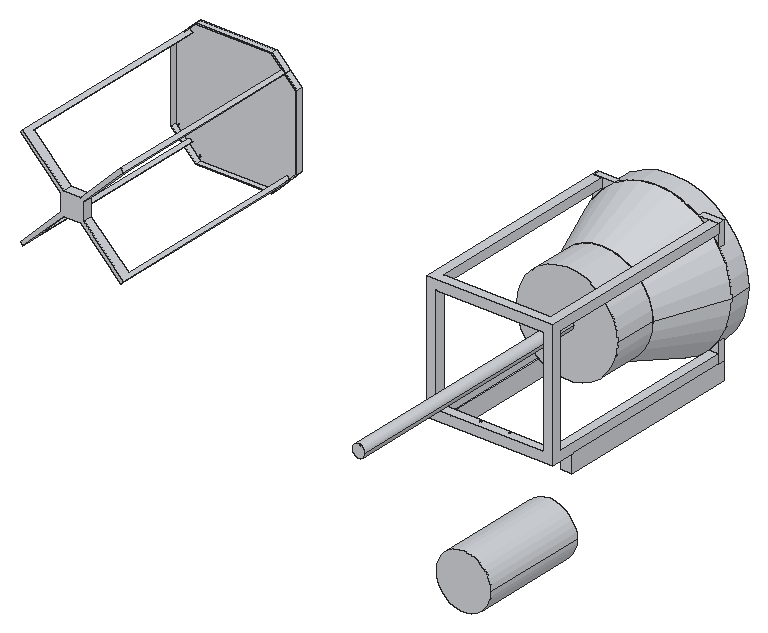
Revit family "PlenumFan_v05", category Mechanical Equipment, Revit 2014
Parameters (values of type "Default Model - Use Type Catalog (.txt) (see instructions)")
  X Inlet Panel Display = yes
  X Frame Display = yes
  Wheel Width = 20.800"
  Wheel Rotation = ""
  Wheel Diameter = 0.000"
  Web Product Catalog 02 = ""
  Web Product Catalog 01 = ""
  Web IOM 02 = ""
  Web IOM 01 = ""
  Voltage = 0 V
  Version Family = "CAPS 4.18"
  Version Data = "CAPS 4.18"
  Ventilator Type = ""
  Unit Weight = 0.00 kip
  Test X Width = 200.000"
  Specific Product Description = ""
  Shaft Drive = 0
  Shaft Display = yes
  Revit Loading Instructions [instance] = "https://www.youtube.com/watch?v=t45CBEivkJA"
  Revit Family Version Log [instance] = "http://www.greenheck.com/media/cad/Version%20log/PlenumFan%20Version%20Log.txt"
  Protective Cage Display = yes
  Phase NumberOfPoles = 0
  Phase Number = 0
  Phase Integer = 0
  Pedestal Base Display = 0
  Outlet dBA = 0
  Outlet Sones = 0
  Mounting Width Right Offset = 40.625"
  Mounting Width Left Offset = 40.625"
  Mounting Hole Y = 2.000"
  Mounting Hole X = 12.000"
  Motor Starter = yes
  Manufacturer Trademark = "Greenheck Fan"
  Isolation Base Offset = 54.500"
  Mounting Width Triangle Offset = 27.924"
  Mounting Width Pedestal Offset = 18.000"
  Mounting Width Pedestal Center Offset = 23.000"
  Mounting Width = 110.549"
  Mounting Length Pedestal Center = 45.250"
  Motor Speed = 0
  Motor Power = 0 VA
  Motor Pedestal Display = 0
  Motor Enclosure = ""
  Model = ""
  Manufacturer Model Name = ""
  Manufacturer = "Greenheck Fan Corp."
  Isolator Operating Height = 0.000"
  Isolator Base Width = 0.000"
  Isolator Base Length = 0.000"
  Inlet dBA = 0
  Inlet Sones = 0
  Inlet Panel Display = yes
  Inlet Connection = yes
  Inlet Radius WOFlange Offset = Inlet Radius WOFlange - 0.250"  # 35.750"
  Inlet Radius Inside Offset = Inlet Radius Inside - 0.250"  # 23.750"
  Inlet Radius Inside = 24.000"
  Void Offset = 0.250"
  Unit Elevation = if(Isolation Base, Isolation Base Height + Isolation Base Elevation, 0.000")  # 0.000"
  Mounting Length Remaining = 8.000"
  Mounting Length = 60.000"
  Isolation Type = 0
  Isolation Base Width Offset = 75.000"
  Isolation Base = Isolation Type > 1  # no
  Shaft Radius = 3.000"
  Shaft Length = 78.000"
  Shaft Extension = 13.000"
  Pedestal Top Width = 24.000"
  Pedestal Length = 42.000"
  Pedestal Leg Height = 10.000"
  Pedestal Height = 30.000"
  Pedestal Base = Pedestal Base Display = 1  # no
  Mounting Width Offset = 1.375"
  Mounting Length Offset = 1.500"
  Motor Length = 51.13947"
  Motor Radius = 13.000"
  Motor Position = 0
  Motor Pedestal Width = 25.000"
  Motor Pedestal Length = 35.7555"
  Motor Pedestal Height = 30.000"
  Motor Location Offset Left = 152.4594"
  Motor Elevation = 19.36861"
  Inlet Flange Length = 9.96875"
  Has Special Design = yes
  Frequency = 0 Hz
  Fan Wheel Speed Max = 0
  Fan Wheel Speed = 0
  Fan Corner Width = 68.000"
  Drive Type = ""
  Direct Motor Display = Shaft Drive = 0  # yes
  MPT = Motor Pedestal Display = 3  # no
  MPRH = Motor Pedestal Display = 2  # no
  MPLH = Motor Pedestal Display = 1  # no
  Inlet Panel Depth = 3.000"
  Inlet Flange Radius = 2.375"
  Inlet Cone Width = 32.200"
  Fan Channel Width = 4.375"
  Isolator Spacing Width Offset = 72.000"
  Mounting Hole Radius = 0.3457"
  Isolator Display = no
  Isolator Spacing Width = 192.000"
  Isolation Base Width = 198.000"
  Isolation Base Length = 192.000"
  Isolation Base Height = 5.000"
  Isolation Base Elevation = 1.000"
  Inlet Radius WOFlange = 36.000"
  Fan Height = 60.000"
  Designation = ""
  Design Total Power = 0 VA
  Cut Offset = 2.000"
  Cut Length = 1.000"
  Isolator Spacing Length Offset = 8.000"
  Isolator Spacing Length = 186.000"
  Protective Cage = 102.000"
  Inlet Elevation = 30.000"
  Fan Width = 60.000"
  Copyright © = "© Greenheck Fan Corporation 2015"
  Configured Mark Name = ""
  Config Total Static Pressure = 0.00 in-wg
  Config Total Air Flow = 0 CFM
  Config External Static Pressure = 0.00 in-wg
  Channel Width Remaining = 12.14074"
  Channel Width = 5.500"
  Channel Display RH = yes
  Channel Length = 90.47447"
  Channel Display LH = yes
  Channel Height = 8.45708"
  Belt Drive Display = Shaft Drive = 1  # no
  Arrangement = 4
  Apparent Load = 0 VA
  Actual Total Power [instance] = 0 VA
Reference planes (in)
  plane 1 "Center (Front/Back)": y = -5.80255
  plane 2: z = 0
  plane 3 "Center (Left/Right)": x = -62.53999
  plane 4 "inlet panel outside": y = 22.39745
  plane 5 "inlet panel inside": y = 19.39745
  plane 6 "Rear Mounting CL": y = 14.39745
  plane 7: y = -33.60255
  plane 8 "End of Shaft": y = -157.60255
  plane 9 "fan frame front": y = -79.60255
  plane 10 "pedestal front": y = -121.60255
  plane 11 "frame mounting CL left": x = -103.16499
  plane 12 "frame mounting CL right": x = -21.91499
  plane 13: y = 29.3662
  plane 14 "frame Left": x = -92.53999
  plane 15 "frame Right": x = -32.53999
  plane 16 "Shaft Elevation": z = 30
  plane 17 "Frame top": z = 60
  plane 18 "Frame bottom": z = 0
  plane 19: z = 30
  plane 20 "inside frame left": x = -88.16499
  plane 21 "inside frame right": x = -36.91499
  plane 22 "Isolation mounting CL left": x = -134.53999
  plane 23 "Isolation mounting CL right": x = 57.46001
  plane 24 "Isolation Base Top": z = 0
  plane 25 "Isolation Base Bottom": z = -5
  plane 26: z = -6
  plane 27: y = 19.45995
  plane 28: y = -93.46308
  plane 29 "isolation mounting CL back": y = 14.39745
  plane 30 "Isolation mounting CL front": y = -171.60255
  plane 31 "isolation length center line": y = -78.60255
  plane 32 "isolation frame back": y = 17.39745
  plane 33 "isolation frame front": y = -174.60255
  plane 34 "isolation width center line": x = 24
  plane 35 "mounting front": y = -45.60255
  plane 36 "isolation frame left": x = -137.53999
  plane 37 "isolation frame right": x = 60.46001
  plane 38: z = 55.625
  plane 39: z = 4.375
  plane 40: y = -75.22755
  plane 41: z = 60.25
  plane 42: z = -0.25
  plane 43: y = -79.85255
  plane 44 "motor offset": x = 17.9194
  plane 45 "Motor elevation": z = 19.36861
  plane 46: y = -144.60255
  plane 47: y = -12.80255
  plane 48: z = 30.25
  plane 49: x = -32.28999
  plane 50: x = -92.78999
  plane 51: y = -120.10255
  plane 52 "motor pedestal": y = -43.84705
  plane 53: z = 10
  plane 54: x = -74.53999
  plane 55: x = -50.53999
  plane 56: y = -195.74202
  plane 57 "Channel bottom": z = -8.45708
  plane 58: x = -38.03999
  plane 59: x = -87.03999
  plane 60 "Mounting hole Center": y = -77.12833
  plane 61 "Pedestal mounting CL left": x = -74.53999
  plane 62 "Pedestal mounting CL right": x = -50.53999
  plane 63: x = -69.53999
  plane 64: x = -55.53999
  plane 65: y = -76.35255
  plane 66 "X frame Inlet Panel": y = 19.39745
  plane 67 "X frame Vert Center": x = -261.53999
  plane 68 "X frame Left": x = -291.53999
  plane 69 "X frame Right": x = -231.53999
  plane 70 "X frame Top": z = 60
  plane 71 "X frame Bottom": z = 0
  plane 72: through (-213.89355, -180, 77.64645) normal (0.7071, 0, -0.7071)
  plane 73: through (-309.18644, -180, 77.64645) normal (0.7071, 0, 0.7071)
  plane 74: through (-321.89355, -180, 88.93934) normal (0.7071, 0, 0.7071)
  plane 75: through (-320.47933, -180, 90.35355) normal (0.7071, 0, 0.7071)
  plane 76: through (-201.18644, -180, 88.93934) normal (0.7071, 0, -0.7071)
  plane 77: through (-202.60065, -180, 90.35355) normal (0.7071, 0, -0.7071)
  plane 78: through (-279.93518, -180, 59.68808) normal (-0.7071, 0, 0.7071)
  plane 79: through (-231.85192, -180, 11.60482) normal (-0.7071, 0, 0.7071)
  plane 80: through (-243.14481, -180, 59.68808) normal (-0.7071, 0, -0.7071)
  plane 81: through (-291.22807, -180, 11.60482) normal (-0.7071, 0, -0.7071)
  plane 82: y = -79.85255
  plane 83: y = 16.39745
  plane 84: z = 30
  plane 85: x = -262.53999
  plane 86: x = -279.53999
  plane 87: x = -243.53999
  plane 88: z = 58
  plane 89: z = 2
  plane 90: x = -289.53999
  plane 91: z = 48
  plane 92: x = -233.53999
  plane 93: z = 12
Forms (in)
  Extrusion 1, solid, visible <- "Inlet Panel Display"
    sketch origin (0, 65.15774, 30) x (0, 1, 0) y (-1, 0, 0)
      loop
        line (-42.76029, 92.53999) -> (-45.76029, 92.53999) -> (-45.76029, 32.53999) -> (-42.76029, 32.53999) -> (-42.76029, 92.53999)
    from -30 to 30
  Extrusion 2, solid, visible <- "Protective Cage Display"
    sketch origin (-62.53999, 0, 0) x (0, 1, 0) y (0, 0, 1)
      loop
        line (-79.60255, 60) -> (-79.60255, 0) -> (19.39745, 0) -> (19.39745, 60) -> (-79.60255, 60)
    from -30 to 30
  Extrusion 3, solid, visible <- "Shaft Display"
    sketch origin (0, -5.80255, 0) x (1, 0, 0) y (0, 0, 1)
      loop
        circle (-62.53999, 30) r 3
    from 27.8 to 151.8
  Extrusion 4, void
    sketch origin (0, 65.15774, 30) x (-1, 0, 0) y (0, 1, 0)
      loop
        line (88.16499, -45.76029) -> (36.91499, -45.76029) -> (36.91499, -145.01029) -> (88.16499, -145.01029) -> (88.16499, -45.76029)
    from -25.625 to 25.625
  Extrusion 5, void
    sketch origin (0, 0, 0) x (0, 1, 0) y (-1, 0, 0)
      loop
        circle (14.39745, 103.16499) r 0.3457
      loop
        circle (14.39745, 21.91499) r 0.3457
    from -8.45708 to 30
  Extrusion 6, void
    sketch origin (-92.53999, 0, 0) x (0, 1, 0) y (0, 0, 1)
      loop
        line (19.39745, 55.625) -> (-75.22755, 55.625) -> (-75.22755, 4.375) -> (19.39745, 4.375) -> (19.39745, 55.625)
    from 86 to -2
  Extrusion 7, solid
    sketch origin (0, -5.80255, 0) x (1, 0, 0) y (0, 0, 1)
      loop
        circle (-62.53999, 30) r 24
    from 27.8 to 7
  Blend 8, solid
    base sketch origin (53.00949, 19.39745, 48) x (1, 0, 0) y (0, 0, 1)
      loop
        circle (-115.54948, -18) r 36
    top sketch origin (53.00949, 19.39745, 48) x (1, 0, 0) y (0, 0, 1)
      loop
        circle (-115.54948, -18) r 24
    from 0 to 32.2
  Extrusion 9, void
    sketch origin (-40.87797, 22.39745, 48) x (1, 0, 0) y (0, 0, 1)
      loop
        line (8.27548, 11.9375) -> (-51.59952, 11.9375) -> (-51.59952, -47.9375) -> (8.27548, -47.9375) -> (8.27548, 11.9375)
    from 0 to 2.9375
  Extrusion 10, solid, visible <- "Isolation Base"
    sketch origin (0, 59.80458, 0) x (0, 1, 0) y (-1, 0, 0)
      loop
        line (-42.40713, 137.53999) -> (-234.40713, 137.53999) -> (-234.40713, -60.46001) -> (-42.40713, -60.46001) -> (-42.40713, 137.53999)
    from 0 to -5
  Extrusion 11, void
    sketch origin (0, 65.15774, 30) x (-1, 0, 0) y (0, 1, 0)
      loop
        circle (134.53999, -50.76029) r 0.3457
      loop
        circle (-57.46001, -50.76029) r 0.3457
      loop
        circle (-57.46001, -236.76029) r 0.3457
      loop
        circle (134.53999, -236.76029) r 0.3457
    from 35 to 30
  Extrusion 12, void
    sketch origin (-62.53999, 0, 0) x (0, 1, 0) y (0, 0, 1)
      loop
        line (19.39745, -0.25) -> (19.39745, 60.25) -> (-75.22755, 60.25) -> (-75.22755, -0.25) -> (19.39745, -0.25)
    from 25.625 to -25.625
  Extrusion 13, solid, visible <- "Belt Drive Display"
    sketch origin (0, -5.80255, 0) x (1, 0, 0) y (0, 0, 1)
      loop
        circle (17.9194, 19.36861) r 13
    from 87.66053 to 138.8
  Extrusion 14, solid, visible <- "Belt Drive Display"
    sketch origin (0, -5.80255, 0) x (1, 0, 0) y (0, 0, 1)
      loop
        circle (17.9194, 19.36861) r 3
    from 138.8 to 151.8
  Extrusion 15, solid, visible <- "Pedestal Base"
    sketch origin (0, -5.80255, 0) x (1, 0, 0) y (0, 0, 1)
      loop
        line (-92.53999, 30) -> (-92.53999, 0) -> (-32.53999, 0) -> (-32.53999, 30) -> (-92.53999, 30)
    from 73.8 to 115.8
  Extrusion 16, void
    sketch origin (0, -5.80255, 0) x (-1, 0, 0) y (0, 0, 1)
      loop
        line (92.78999, 30.25) -> (74.23106, 30.25) -> (92.78999, 10) -> (92.78999, 30.25)
      loop
        line (32.28999, 10) -> (50.85225, 30.25) -> (32.28999, 30.25) -> (32.28999, 10)
    from -73.8 to -115.8
  Extrusion 17, void
    sketch origin (0, -72, 0) x (0, 1, 0) y (-1, 0, 0)
      loop
        circle (26.39745, 103.16499) r 0.3457
      loop
        circle (26.39745, 21.91499) r 0.3457
    from -8.45708 to 9.30859
  Extrusion 18, void
    sketch origin (0, -136.5, 0) x (0, 1, 0) y (-1, 0, 0)
      loop
        circle (16.39745, 74.53999) r 0.3457
      loop
        circle (16.39745, 50.53999) r 0.3457
    from 0 to 30
  Extrusion 19, solid, visible <- "MPLH"
    sketch origin (0, -5.80255, 0) x (1, 0, 0) y (0, 0, 1)
      loop
        line (-92.53999, 30) -> (-117.53999, 0) -> (-92.53999, 0) -> (-92.53999, 30)
    from 38.0445 to 73.8
  Extrusion 20, solid, visible <- "MPRH"
    sketch origin (0, -5.80255, 0) x (-1, 0, 0) y (0, 0, -1)
      loop
        line (32.53999, -30) -> (32.53999, 0) -> (7.53999, 0) -> (32.53999, -30)
    from 38.0445 to 73.8
  Extrusion 21, solid, visible <- "MPT"
    sketch origin (0, -5.80255, 0) x (1, 0, 0) y (0, 0, 1)
      loop
        line (-92.53999, 90) -> (-92.53999, 60) -> (-67.53999, 60) -> (-92.53999, 90)
    from 38.0445 to 73.8
  Extrusion 22, solid, visible <- "Direct Motor Display"
    sketch origin (0, -5.80255, 0) x (1, 0, 0) y (0, 0, 1)
      loop
        circle (17.9194, 19.36861) r 13
    from 138.8 to 189.93947
  Blend 23, void
    base sketch origin (-40.87797, 22.39745, 48) x (1, 0, 0) y (0, 0, 1)
      loop
        circle (-21.66202, -18) r 23.75
    top sketch origin (-40.87797, 22.39745, 48) x (1, 0, 0) y (0, 0, 1)
      loop
        circle (-21.66202, -18) r 35.75
    from 35.2 to 2.9375
  Extrusion 24, solid, visible <- "Channel Display RH"
    sketch origin (0, -5.80255, 0) x (1, 0, 0) y (0, 0, 1)
      loop
        line (-38.03999, 0) -> (-38.03999, -8.45708) -> (-32.53999, -8.45708) -> (-32.53999, 0) -> (-38.03999, 0)
    from -28.2 to 62.27447
  Extrusion 25, solid, visible <- "Channel Display LH"
    sketch origin (0, -5.80255, 0) x (-1, 0, 0) y (0, 0, -1)
      loop
        line (87.03999, 0) -> (92.53999, 0) -> (92.53999, 8.45708) -> (87.03999, 8.45708) -> (87.03999, 0)
    from -28.2 to 62.27447
  Extrusion 26, solid, visible <- "MPRH"
    sketch origin (0, 59.80458, 0) x (0, 1, 0) y (-1, 0, 0)
      loop
        line (-103.65163, 13.03999) -> (-139.40713, 13.03999) -> (-139.40713, 7.53999) -> (-103.65163, 7.53999) -> (-103.65163, 13.03999)
    from 0 to -8.45708
  Extrusion 27, void
    sketch origin (0, 59.80458, 0) x (-1, 0, 0) y (0, 1, 0)
      loop
        circle (69.53999, -136.15713) r 0.3457
      loop
        circle (55.53999, -136.15713) r 0.3457
    from -7.45625 to 1.31771
  Extrusion 28, solid, visible <- "Inlet Connection"
    sketch origin (-40.87797, 22.39745, 48) x (-1, 0, 0) y (0, 0, 1)
      loop
        circle (21.66202, -18) r 36
      loop
        circle (21.66202, -18) r 35.75
    from -3 to 6.96875
  Extrusion 29, solid, visible <- "MPLH"
    sketch origin (0, 59.80458, 0) x (0, 1, 0) y (-1, 0, 0)
      loop
        line (-103.65163, 112.03999) -> (-103.65163, 117.53999) -> (-139.40713, 117.53999) -> (-139.40713, 112.03999) -> (-103.65163, 112.03999)
    from 0 to -8.45708
  Extrusion 30, solid, visible <- "X Frame Display"
    sketch origin (0, -5.80255, 0) x (1, 0, 0) y (0, 0, 1)
      loop
        line (-279.62325, 60) -> (-291.53999, 48.08326) -> (-291.53999, 11.91674) -> (-279.62325, 0) -> (-243.45673, 0) -> (-231.53999, 11.91674) -> (-231.53999, 48.08326) -> (-243.45673, 60) -> (-279.62325, 60)
    from -25.137 to 73.8
  Extrusion 31, void
    sketch origin (0, -5.80255, 0) x (-1, 0, 0) y (0, 0, 1)
      loop
        line (290.12578, 60) -> (232.95421, 60) -> (257.45421, 35.5) -> (265.62578, 35.5) -> (290.12578, 60)
    from -74.05 to 39.75808
  Extrusion 32, void
    sketch origin (0, -5.80255, 84) x (-1, 0, 0) y (0, 0, 1)
      loop
        line (290.12578, -84) -> (265.62578, -59.5) -> (257.45421, -59.5) -> (232.95421, -84) -> (290.12578, -84)
    from -74.05 to 39.75808
  Extrusion 33, void
    sketch origin (-220.03999, -5.80255, -219.53999) x (0, 0, 1) y (1, 0, 0)
      loop
        line (278.12578, -71.5) -> (253.62578, -47) -> (245.45421, -47) -> (220.95421, -71.5) -> (278.12578, -71.5)
    from -74.05 to 39.75808
  Extrusion 34, void
    sketch origin (-303.53999, -5.80255, -219.53999) x (0, 0, 1) y (1, 0, 0)
      loop
        line (278.12578, 72) -> (220.95421, 72) -> (245.45421, 47.5) -> (253.62578, 47.5) -> (278.12578, 72)
    from -74.05 to 39.75808
  Extrusion 35, void
    sketch origin (0, -5.80255, 0) x (-1, 0, 0) y (0, 0, 1)
      loop
        line (291.53999, 45.25483) -> (276.79483, 60) -> (246.28516, 60) -> (231.53999, 45.25483) -> (231.53999, 14.74517) -> (246.28516, 0) -> (276.79483, 0) -> (291.53999, 14.74517) -> (291.53999, 45.25483)
    from -69.425 to 39.75808
  Extrusion 36, solid, visible <- "X Inlet Panel Display"
    sketch origin (0, -5.80255, 0) x (1, 0, 0) y (0, 0, 1)
      loop
        line (-291.53999, 48.08326) -> (-291.53999, 11.91674) -> (-279.62325, 0) -> (-243.45673, 0) -> (-231.53999, 11.91674) -> (-231.53999, 48.08326) -> (-243.45673, 60) -> (-279.62325, 60) -> (-291.53999, 48.08326)
    from -25.2 to -22.2
  Extrusion 37, void
    sketch origin (0, 16.39745, 0) x (-1, 0, 0) y (0, 0, 1)
      loop
        line (291.47699, 48.05717) -> (279.59716, 59.937) -> (243.48283, 59.937) -> (231.60299, 48.05717) -> (231.60299, 11.94283) -> (243.48283, 0.063) -> (279.59716, 0.063) -> (291.47699, 11.94283) -> (291.47699, 48.05717)
    from 0 to 2.937
  Extrusion 38, void
    sketch origin (0, -5.80255, 0) x (-1, 0, 0) y (0, 0, 1)
      loop
        circle (279.53999, 58) r 0.3457
      loop
        circle (243.53999, 58) r 0.3457
      loop
        circle (279.53999, 2) r 0.3457
      loop
        circle (243.53999, 2) r 0.3457
    from 10.59393 to 34.51995
  Extrusion 39, void
    sketch origin (0, -5.80255, 0) x (-1, 0, 0) y (0, 0, 1)
      loop
        circle (289.53999, 48) r 0.3457
      loop
        circle (233.53999, 48) r 0.3457
      loop
        circle (289.53999, 12) r 0.3457
      loop
        circle (233.53999, 12) r 0.3457
    from 10.59393 to 34.51995
Cuts and joins
  Extrusion 4, Extrusion 5, Extrusion 9, Blend 23 cuts Extrusion 1
  Extrusion 4, Extrusion 5, Extrusion 6, Extrusion 9, Extrusion 11, Extrusion 12, Extrusion 16, Extrusion 17, Blend 23, Extrusion 27 cuts Extrusion 2
  Extrusion 5, Extrusion 11 cuts Extrusion 3
  Extrusion 9, Extrusion 11, Extrusion 16, Extrusion 17, Blend 23 cuts Blend 8
  Extrusion 11 cuts Extrusion 7
  Extrusion 11, Extrusion 17, Extrusion 18, Blend 23 cuts Extrusion 10
  Extrusion 16, Extrusion 18 cuts Extrusion 15
  Extrusion 5, Extrusion 17, Extrusion 18 cuts Extrusion 24
  Extrusion 5, Extrusion 17, Extrusion 18 cuts Extrusion 25
  Extrusion 5, Extrusion 17 cuts Extrusion 19
  Extrusion 5, Extrusion 17 cuts Extrusion 20
  Extrusion 5, Extrusion 17 cuts Extrusion 29
  Extrusion 5, Extrusion 17 cuts Extrusion 26
  Extrusion 31, Extrusion 32, Extrusion 33, Extrusion 34, Extrusion 35 cuts Extrusion 30
  Blend 23, Extrusion 37, Extrusion 38, Extrusion 39 cuts Extrusion 36
Dimensions and locks (in)
  "Protective Cage": plane 4 "inlet panel outside" to plane 9 "fan frame front"
  equal spacing: plane 14 "frame Left", plane 3 "Center (Left/Right)", plane 15 "frame Right"
  "Fan Width": plane 14 "frame Left" to plane 15 "frame Right"
  equal spacing: plane 17 "Frame top", plane 16 "Shaft Elevation", plane 18 "Frame bottom"
  "Fan Height": plane 17 "Frame top" to plane 18 "Frame bottom"
  "Isolator Spacing Width Offset": plane 22 "Isolation mounting CL left" to plane 3 "Center (Left/Right)"
  "Isolator Spacing Width": plane 22 "Isolation mounting CL left" to plane 23 "Isolation mounting CL right"
  "Inlet Elevation": plane 16 "Shaft Elevation" to plane 24 "Isolation Base Top"
  "Unit Elevation": plane 24 "Isolation Base Top" to level
  "Isolation Base Height": plane 24 "Isolation Base Top" to plane 25 "Isolation Base Bottom"
  "Isolation Base Elevation": plane 25 "Isolation Base Bottom" to plane 26
  locked: Extrusion 9 sketch curve to plane 17 "Frame top" at 0.0625
  locked: Extrusion 9 sketch curve to plane 14 "frame Left" at 0.0625
  locked: Extrusion 9 sketch curve to plane 15 "frame Right" at 0.0625
  locked: plane 27 to plane 5 "inlet panel inside" at 0.0625
  locked: Extrusion 9 sketch curve to plane 18 "Frame bottom" at 0.0625
  "Isolator Spacing Length": plane 29 "isolation mounting CL back" to plane 30 "Isolation mounting CL front"
  equal spacing: plane 29 "isolation mounting CL back", plane 31 "isolation length center line", plane 30 "Isolation mounting CL front"
  equal spacing: plane 32 "isolation frame back", plane 31 "isolation length center line", plane 33 "isolation frame front"
  "Isolation Base Length": plane 32 "isolation frame back" to plane 33 "isolation frame front"
  "Fan Channel Width": plane 14 "frame Left" to plane 20 "inside frame left"
  "Fan Channel Width": plane 21 "inside frame right" to plane 15 "frame Right"
  "Fan Channel Width": plane 17 "Frame top" to plane 38
  "Fan Channel Width": plane 39 to plane 18 "Frame bottom"
  "Fan Channel Width": plane 9 "fan frame front" to plane 40
  "Void Offset": plane 41 to plane 17 "Frame top"
  "Void Offset": plane 18 "Frame bottom" to plane 42
  "Void Offset": plane 43 to plane 9 "fan frame front"
  "Motor Elevation": plane 45 "Motor elevation" to plane 18 "Frame bottom"
  "Shaft Extension": plane 46 to plane 8 "End of Shaft"
  "Inlet Panel Depth": plane 5 "inlet panel inside" to plane 4 "inlet panel outside"
  "Void Offset": plane 14 "frame Left" to plane 50
  "Void Offset": plane 15 "frame Right" to plane 49
  "Void Offset": plane 48 to plane 19
  "Mounting Length Offset": plane 51 to plane 10 "pedestal front"
  "Pedestal Length": plane 10 "pedestal front" to plane 9 "fan frame front"
  "Motor Location Offset Left": plane 22 "Isolation mounting CL left" to plane 44 "motor offset"
  "Motor Pedestal Width": plane 14 "frame Left" to Extrusion 19 sketch curve
  "Motor Pedestal Height": Extrusion 19 sketch curve to plane 18 "Frame bottom"
  "Motor Pedestal Width": plane 15 "frame Right" to Extrusion 20 sketch curve
  "Motor Pedestal Height": Extrusion 20 sketch curve to plane 18 "Frame bottom"
  "Motor Pedestal Height": Extrusion 21 sketch curve to plane 17 "Frame top"
  "Motor Pedestal Width": Extrusion 21 sketch curve to plane 14 "frame Left"
  "Motor Pedestal Length": plane 9 "fan frame front" to plane 52 "motor pedestal"
  "Pedestal Height": plane 18 "Frame bottom" to plane 19
  "Pedestal Leg Height": plane 53 to plane 18 "Frame bottom"
  "Pedestal Top Width": plane 55 to plane 54
  equal spacing: plane 55, plane 3 "Center (Left/Right)", plane 54
  "Motor Length": plane 28 to plane 46
  "Mounting Length": plane 6 "Rear Mounting CL" to plane 35 "mounting front"
  "Mounting Length Remaining": plane 6 "Rear Mounting CL" to plane 4 "inlet panel outside"
  "Isolation Base Width Offset": plane 36 "isolation frame left" to plane 3 "Center (Left/Right)"
  "Isolation Base Width": plane 36 "isolation frame left" to plane 37 "isolation frame right"
  "Inlet Cone Width": plane 47 to plane 5 "inlet panel inside"
  "Wheel Width": plane 47 to plane 7
  "Shaft Length": plane 8 "End of Shaft" to plane 9 "fan frame front"
  "Motor Length": plane 46 to plane 56
  "Channel Height": plane 18 "Frame bottom" to plane 57 "Channel bottom"
  "Channel Width": plane 58 to plane 15 "frame Right"
  "Channel Width": plane 59 to plane 14 "frame Left"
  "Channel Length": Extrusion 25 to plane 4 "inlet panel outside"
  "Channel Length": plane 4 "inlet panel outside" to Extrusion 24
  "Mounting Width Pedestal Offset": plane 14 "frame Left" to plane 61 "Pedestal mounting CL left"
  "Mounting Width Pedestal Center Offset": plane 14 "frame Left" to plane 63
  "Mounting Width Pedestal Center Offset": plane 64 to plane 15 "frame Right"
  "Mounting Length Pedestal Center": plane 65 to plane 10 "pedestal front"
  "Mounting Width Pedestal Offset": plane 62 "Pedestal mounting CL right" to plane 15 "frame Right"
  "Inlet Flange Length": plane 5 "inlet panel inside" to plane 13
  "Isolation Base Offset": plane 51 to plane 33 "isolation frame front"
  "Mounting Width Right Offset": plane 3 "Center (Left/Right)" to plane 12 "frame mounting CL right"
  "Mounting Width Left Offset": plane 11 "frame mounting CL left" to plane 3 "Center (Left/Right)"
  "Channel Width": Extrusion 29 to Extrusion 29
  "Channel Width": Extrusion 26 to Extrusion 26
  equal spacing: plane 81, plane 73, plane 80
  "Fan Corner Width": plane 81 to plane 80
  equal spacing: plane 79, plane 72, plane 78
  locked: plane 78 to Extrusion 35 sketch curve at 2
  locked: plane 80 to Extrusion 35 sketch curve at 2
  locked: plane 79 to Extrusion 35 sketch curve at 2
  locked: plane 81 to Extrusion 35 sketch curve at 2
  equal spacing: plane 75, plane 73, plane 74
  equal spacing: plane 76, plane 72, plane 77
  "Fan Corner Width": plane 78 to plane 79
  locked: Extrusion 34 sketch curve to plane 67 "X frame Vert Center" at 5.5
  "Fan Width": plane 69 "X frame Right" to plane 68 "X frame Left"
  equal spacing: plane 69 "X frame Right", plane 67 "X frame Vert Center", plane 68 "X frame Left"
  "Void Offset": plane 82 to plane 9 "fan frame front"
  "Inlet Panel Depth": plane 83 to plane 66 "X frame Inlet Panel"
  equal spacing: plane 70 "X frame Top", plane 84, plane 71 "X frame Bottom"
  "Fan Height": plane 70 "X frame Top" to plane 71 "X frame Bottom"
  locked: plane 85 to plane 67 "X frame Vert Center" at 1
  "Test X Width": plane 85 to plane 3 "Center (Left/Right)"
  "Inlet Elevation": plane 84 to plane 24 "Isolation Base Top"
  locked: plane 78 to Extrusion 37 sketch curve at 0.063
  locked: plane 70 "X frame Top" to Extrusion 37 sketch curve at 0.063
  locked: plane 80 to Extrusion 37 sketch curve at 0.063
  locked: plane 69 "X frame Right" to Extrusion 37 sketch curve at 0.063
  locked: Extrusion 37 sketch curve to plane 68 "X frame Left" at 0.063
  locked: plane 81 to Extrusion 37 sketch curve at 0.063
  locked: Extrusion 37 sketch curve to plane 71 "X frame Bottom" at 0.063
  locked: plane 79 to Extrusion 37 sketch curve at 0.063
  locked: Extrusion 37 to plane 66 "X frame Inlet Panel" at 0.063
  "Mounting Hole X": plane 69 "X frame Right" to plane 87
  "Mounting Hole X": plane 86 to plane 68 "X frame Left"
  "Mounting Hole Y": plane 70 "X frame Top" to plane 88
  "Mounting Hole Y": plane 89 to plane 71 "X frame Bottom"
  "Mounting Hole X": plane 70 "X frame Top" to plane 91
  "Mounting Hole Y": plane 90 to plane 68 "X frame Left"
  "Mounting Hole Y": plane 69 "X frame Right" to plane 92
  "Mounting Hole X": plane 93 to plane 71 "X frame Bottom"
  "Shaft Radius": radius of Extrusion 3 sketch curve
  "Inlet Radius Inside": radius of Extrusion 7 sketch curve
  "Inlet Radius WOFlange": radius of Blend 8 sketch curve
  "Inlet Radius Inside": radius of Blend 8 sketch curve
  "Mounting Hole Radius": radius of Extrusion 5 sketch curve  (x2)
  "Mounting Hole Radius": radius of Extrusion 11 sketch curve  (x4)
  "Shaft Radius": radius of Extrusion 14 sketch curve
  "Motor Radius": radius of Extrusion 13 sketch curve
  "Mounting Hole Radius": radius of Extrusion 17 sketch curve  (x2)
  "Mounting Hole Radius": radius of Extrusion 18 sketch curve  (x2)
  "Motor Radius": radius of Extrusion 22 sketch curve
  "Inlet Radius Inside Offset": radius of Blend 23 sketch curve
  "Inlet Radius WOFlange Offset": radius of Blend 23 sketch curve
  "Mounting Hole Radius": radius of Extrusion 27 sketch curve  (x2)
  "Inlet Radius WOFlange": radius of Extrusion 28 sketch curve
  "Inlet Radius WOFlange Offset": radius of Extrusion 28 sketch curve
  "Mounting Hole Radius": radius of Extrusion 38 sketch curve  (x4)
  "Mounting Hole Radius": radius of Extrusion 39 sketch curve  (x4)
  locked: plane 84 to plane 72 (angle 45.00°)
  locked: plane 73 to plane 84 (angle 45.00°)
  locked: plane 72 to plane 67 "X frame Vert Center" (angle 45.00°)
  locked: plane 67 "X frame Vert Center" to plane 73 (angle 45.00°)
  aligned and locked: Extrusion 1 sketch curve to plane 4 "inlet panel outside"
  aligned and locked: plane 14 "frame Left" to Extrusion 1 sketch curve
  aligned and locked: plane 15 "frame Right" to Extrusion 1 sketch curve
  aligned and locked: Extrusion 1 to plane 18 "Frame bottom"
  aligned and locked: plane 17 "Frame top" to Extrusion 1
  aligned: Extrusion 2 to plane 15 "frame Right"
  aligned: Extrusion 2 to plane 14 "frame Left"
  aligned and locked: plane 16 "Shaft Elevation" to Extrusion 3 sketch curve
  aligned and locked: plane 3 "Center (Left/Right)" to Extrusion 3 sketch curve
  aligned and locked: Extrusion 3 to plane 8 "End of Shaft"
  aligned and locked: Extrusion 4 sketch curve to plane 21 "inside frame right"
  aligned and locked: Extrusion 4 sketch curve to plane 20 "inside frame left"
  aligned: Extrusion 4 to plane 16 "Shaft Elevation"
  aligned: Extrusion 4 to plane 26
  aligned and locked: plane 12 "frame mounting CL right" to Extrusion 5 sketch curve
  aligned and locked: plane 11 "frame mounting CL left" to Extrusion 5 sketch curve
  aligned and locked: plane 6 "Rear Mounting CL" to Extrusion 5 sketch curve
  aligned and locked: Extrusion 5 sketch curve to plane 6 "Rear Mounting CL"
  aligned and locked: Extrusion 5 to plane 19
  aligned and locked: Extrusion 1 sketch curve to plane 5 "inlet panel inside"
  aligned and locked: Extrusion 2 sketch curve to plane 5 "inlet panel inside"
  aligned and locked: Extrusion 4 sketch curve to plane 5 "inlet panel inside"
  aligned: plane 14 "frame Left" to Extrusion 6
  aligned: Extrusion 6 to plane 15 "frame Right"
  aligned and locked: plane 16 "Shaft Elevation" to Extrusion 7 sketch curve
  aligned and locked: plane 3 "Center (Left/Right)" to Extrusion 7 sketch curve
  aligned and locked: plane 3 "Center (Left/Right)" to Blend 8 sketch curve  (x2)
  aligned and locked: plane 16 "Shaft Elevation" to Blend 8 sketch curve  (x2)
  aligned and locked: Extrusion 9 to plane 4 "inlet panel outside"
  aligned and locked: Extrusion 9 to plane 27
  aligned and locked: Extrusion 10 sketch curve to plane 32 "isolation frame back"
  aligned and locked: Extrusion 10 sketch curve to plane 33 "isolation frame front"
  aligned and locked: Extrusion 11 sketch curve to plane 30 "Isolation mounting CL front"
  aligned and locked: plane 30 "Isolation mounting CL front" to Extrusion 11 sketch curve
  aligned and locked: plane 23 "Isolation mounting CL right" to Extrusion 11 sketch curve  (x2)
  aligned and locked: plane 29 "isolation mounting CL back" to Extrusion 11 sketch curve  (x2)
  aligned and locked: plane 22 "Isolation mounting CL left" to Extrusion 11 sketch curve  (x2)
  aligned and locked: cut or joined group of Extrusion 10, Extrusion 11, Extrusion 17, Extrusion 18, Blend 23 to plane 24 "Isolation Base Top"
  aligned and locked: cut or joined group of Extrusion 10, Extrusion 11, Extrusion 17, Extrusion 18, Blend 23 to plane 25 "Isolation Base Bottom"
  aligned and locked: Extrusion 11 to plane 24 "Isolation Base Top"
  aligned and locked: Extrusion 11 to plane 25 "Isolation Base Bottom"
  aligned and locked: plane 29 "isolation mounting CL back" to nested 4
  aligned and locked: plane 29 "isolation mounting CL back" to nested 2
  aligned and locked: plane 23 "Isolation mounting CL right" to nested 2
  aligned and locked: plane 22 "Isolation mounting CL left" to nested 4
  aligned and locked: plane 22 "Isolation mounting CL left" to nested 3
  aligned and locked: plane 23 "Isolation mounting CL right" to nested 1
  aligned and locked: nested 1 to plane 30 "Isolation mounting CL front"
  aligned and locked: plane 30 "Isolation mounting CL front" to nested 3
  aligned and locked: plane 36 "isolation frame left" to cut or joined group of Extrusion 10, Extrusion 11, Extrusion 17, Extrusion 18, Blend 23
  aligned and locked: plane 37 "isolation frame right" to cut or joined group of Extrusion 10, Extrusion 11, Extrusion 17, Extrusion 18, Blend 23
  aligned: cut or joined group 1 (Extrusion 2, Extrusion 4, Extrusion 5, Extrusion 6, Extrusion 9, Extrusion 11, Extrusion 12, Extrusion 16, Extrusion 17, Blend 23, Extrusion 27) to plane 9 "fan frame front"
  aligned and locked: plane 17 "Frame top" to Extrusion 2 sketch curve
  aligned and locked: Extrusion 2 sketch curve to plane 18 "Frame bottom"
  aligned: plane 38 to cut or joined group 1
  aligned: cut or joined group 1 to plane 39
  aligned and locked: plane 39 to Extrusion 6 sketch curve
  aligned and locked: Extrusion 6 sketch curve to plane 40
  aligned and locked: Extrusion 6 sketch curve to plane 38
  aligned and locked: plane 41 to Extrusion 12 sketch curve
  aligned and locked: Extrusion 12 sketch curve to plane 42
  aligned and locked: plane 40 to Extrusion 12 sketch curve
  aligned and locked: Extrusion 12 sketch curve to plane 5 "inlet panel inside"
  aligned and locked: plane 43 to Extrusion 4 sketch curve
  aligned and locked: Extrusion 12 to plane 20 "inside frame left"
  aligned and locked: Extrusion 12 to plane 21 "inside frame right"
  aligned and locked: plane 44 "motor offset" to Extrusion 13 sketch curve
  aligned and locked: plane 45 "Motor elevation" to Extrusion 13 sketch curve
  aligned and locked: plane 44 "motor offset" to Extrusion 14 sketch curve
  aligned and locked: plane 45 "Motor elevation" to Extrusion 14 sketch curve
  aligned and locked: Extrusion 14 to plane 8 "End of Shaft"
  aligned and locked: Extrusion 13 to plane 46
  aligned and locked: plane 28 to Extrusion 13
  aligned and locked: cut or joined group of Extrusion 7, Extrusion 11 to plane 7
  aligned and locked: plane 47 to cut or joined group of Extrusion 7, Extrusion 11
  aligned and locked: cut or joined group of Blend 8, Extrusion 9, Extrusion 11, Extrusion 16, Extrusion 17, Blend 23 to plane 47  (x2)
  aligned and locked: plane 14 "frame Left" to Extrusion 15 sketch curve
  aligned and locked: Extrusion 15 sketch curve to plane 19
  aligned and locked: plane 15 "frame Right" to Extrusion 15 sketch curve
  aligned and locked: plane 18 "Frame bottom" to Extrusion 15 sketch curve
  aligned and locked: Extrusion 15 to plane 10 "pedestal front"
  aligned and locked: Extrusion 15 to plane 9 "fan frame front"
  aligned and locked: plane 48 to Extrusion 16 sketch curve
  aligned and locked: Extrusion 16 sketch curve to plane 48
  aligned and locked: Extrusion 16 sketch curve to plane 49
  aligned and locked: Extrusion 16 sketch curve to plane 50
  aligned and locked: plane 10 "pedestal front" to Extrusion 16
  aligned and locked: Extrusion 16 to plane 9 "fan frame front"
  aligned and locked: plane 35 "mounting front" to Extrusion 17 sketch curve  (x2)
  aligned and locked: plane 11 "frame mounting CL left" to Extrusion 17 sketch curve
  aligned and locked: plane 12 "frame mounting CL right" to Extrusion 17 sketch curve
  aligned and locked: plane 51 to Extrusion 18 sketch curve  (x2)
  aligned and locked: Extrusion 19 sketch curve to plane 14 "frame Left"
  aligned and locked: plane 18 "Frame bottom" to Extrusion 19 sketch curve
  aligned and locked: plane 15 "frame Right" to Extrusion 20 sketch curve
  aligned and locked: Extrusion 20 sketch curve to plane 18 "Frame bottom"
  aligned and locked: Extrusion 21 sketch curve to plane 14 "frame Left"
  aligned and locked: Extrusion 21 sketch curve to plane 17 "Frame top"
  aligned and locked: Extrusion 19 to plane 9 "fan frame front"
  aligned and locked: Extrusion 21 to plane 9 "fan frame front"
  aligned and locked: plane 9 "fan frame front" to Extrusion 20
  aligned and locked: plane 52 "motor pedestal" to Extrusion 19
  aligned and locked: plane 52 "motor pedestal" to Extrusion 21
  aligned and locked: plane 52 "motor pedestal" to Extrusion 20
  aligned and locked: plane 46 to Extrusion 13
  aligned and locked: plane 46 to Extrusion 14
  aligned and locked: cut or joined group 1 to plane 14 "frame Left"
  aligned and locked: cut or joined group 1 to plane 15 "frame Right"
  aligned and locked: plane 7 to cut or joined group of Extrusion 3, Extrusion 5, Extrusion 11
  aligned and locked: plane 44 "motor offset" to Extrusion 22 sketch curve
  aligned and locked: plane 45 "Motor elevation" to Extrusion 22 sketch curve
  aligned and locked: plane 46 to Extrusion 22
  aligned and locked: Extrusion 22 to plane 56
  aligned and locked: plane 3 "Center (Left/Right)" to Blend 23 sketch curve  (x2)
  aligned and locked: plane 16 "Shaft Elevation" to Blend 23 sketch curve  (x2)
  aligned: cut or joined group of Blend 8, Extrusion 9, Extrusion 11, Extrusion 16, Extrusion 17, Blend 23 to plane 47
  aligned: Blend 23 to plane 32 "isolation frame back"
  aligned and locked: Blend 23 to cut or joined group of Extrusion 1, Extrusion 4, Extrusion 5, Extrusion 9, Blend 23
  aligned and locked: Extrusion 24 sketch curve to plane 18 "Frame bottom"
  aligned and locked: Extrusion 24 to plane 57 "Channel bottom"
  aligned and locked: plane 15 "frame Right" to Extrusion 24 sketch curve
  aligned and locked: plane 58 to Extrusion 24 sketch curve
  aligned and locked: plane 4 "inlet panel outside" to Extrusion 24
  aligned: plane 9 "fan frame front" to Extrusion 24
  aligned and locked: plane 59 to Extrusion 25 sketch curve
  aligned and locked: plane 18 "Frame bottom" to Extrusion 25
  aligned and locked: Extrusion 25 to plane 57 "Channel bottom"
  aligned and locked: Extrusion 25 to plane 14 "frame Left"
  aligned: plane 9 "fan frame front" to Extrusion 25
  aligned and locked: plane 4 "inlet panel outside" to Extrusion 25
  aligned and locked: Extrusion 26 sketch curve to plane 52 "motor pedestal"
  aligned and locked: Extrusion 26 sketch curve to plane 9 "fan frame front"
  aligned and locked: plane 61 "Pedestal mounting CL left" to Extrusion 18 sketch curve
  aligned and locked: plane 62 "Pedestal mounting CL right" to Extrusion 18 sketch curve
  aligned and locked: plane 65 to Extrusion 27 sketch curve  (x2)
  aligned and locked: plane 63 to Extrusion 27 sketch curve
  aligned and locked: plane 64 to Extrusion 27 sketch curve
  aligned and locked: cut or joined group 1 to plane 39
  aligned and locked: plane 38 to cut or joined group 1
  aligned and locked: plane 3 "Center (Left/Right)" to Extrusion 28 sketch curve  (x2)
  aligned and locked: plane 16 "Shaft Elevation" to Extrusion 28 sketch curve  (x2)
  aligned and locked: Extrusion 28 to plane 5 "inlet panel inside"
  aligned and locked: plane 13 to Extrusion 28
  aligned and locked: Extrusion 26 sketch curve to cut or joined group of Extrusion 5, Extrusion 17, Extrusion 20
  aligned and locked: Extrusion 26 to plane 57 "Channel bottom"
  aligned and locked: Extrusion 29 sketch curve to cut or joined group of Extrusion 5, Extrusion 17, Extrusion 19
  aligned and locked: Extrusion 29 to plane 57 "Channel bottom"
  aligned and locked: Extrusion 5 to plane 57 "Channel bottom"
  aligned and locked: Extrusion 17 to plane 57 "Channel bottom"
  aligned and locked: Extrusion 30 sketch curve to plane 69 "X frame Right"
  aligned and locked: plane 68 "X frame Left" to Extrusion 30 sketch curve
  aligned and locked: plane 70 "X frame Top" to Extrusion 30
  aligned and locked: Extrusion 30 to plane 71 "X frame Bottom"
  aligned and locked: Extrusion 30 sketch curve to plane 78
  aligned and locked: plane 80 to Extrusion 30 sketch curve
  aligned and locked: Extrusion 30 sketch curve to plane 79
  aligned and locked: plane 81 to Extrusion 30 sketch curve
  aligned and locked: Extrusion 31 sketch curve to plane 75
  aligned and locked: Extrusion 31 sketch curve to plane 77
  aligned and locked: Extrusion 34 sketch curve to plane 76
  aligned and locked: Extrusion 34 sketch curve to plane 75
  aligned and locked: plane 76 to Extrusion 32 sketch curve
  aligned and locked: plane 74 to Extrusion 32 sketch curve
  aligned and locked: plane 66 "X frame Inlet Panel" to plane 5 "inlet panel inside"
  aligned and locked: Extrusion 35 to cut or joined group 1
  aligned and locked: Extrusion 30 to plane 9 "fan frame front"
  aligned and locked: Extrusion 31 to plane 82
  aligned and locked: Extrusion 31 to Extrusion 34
  aligned and locked: Extrusion 33 to Extrusion 31
  aligned and locked: Extrusion 32 to Extrusion 31  (x2)
  aligned and locked: plane 5 "inlet panel inside" to Extrusion 36
  aligned and locked: Extrusion 36 to plane 83
  aligned and locked: Extrusion 36 sketch curve to plane 70 "X frame Top"
  aligned and locked: plane 71 "X frame Bottom" to Extrusion 36 sketch curve
  aligned and locked: plane 68 "X frame Left" to Extrusion 36 sketch curve
  aligned and locked: Extrusion 36 sketch curve to plane 69 "X frame Right"
  aligned and locked: Extrusion 36 sketch curve to plane 78
  aligned and locked: plane 80 to Extrusion 36 sketch curve
  aligned and locked: Extrusion 36 sketch curve to plane 79
  aligned and locked: plane 81 to Extrusion 36 sketch curve
  aligned and locked: Extrusion 34 sketch curve to plane 69 "X frame Right"
  aligned and locked: Extrusion 31 sketch curve to plane 70 "X frame Top"
  aligned and locked: Extrusion 32 sketch curve to plane 71 "X frame Bottom"
  aligned and locked: Extrusion 33 sketch curve to plane 68 "X frame Left"
  aligned and locked: plane 74 to Extrusion 33 sketch curve
  aligned and locked: plane 77 to Extrusion 33 sketch curve
  aligned and locked: plane 53 to Extrusion 16 sketch curve  (x2)
  aligned and locked: plane 83 to Extrusion 37
  aligned and locked: Extrusion 34 to Extrusion 31
  aligned and locked: Extrusion 35 to Extrusion 31
  aligned and locked: cut or joined group of Blend 23, Extrusion 36, Extrusion 37, Extrusion 38, Extrusion 39 to cut or joined group of Extrusion 30, Extrusion 31, Extrusion 32, Extrusion 33, Extrusion 34, Extrusion 35
  aligned and locked: plane 88 to Extrusion 38 sketch curve  (x2)
  aligned and locked: plane 87 to Extrusion 38 sketch curve  (x2)
  aligned and locked: plane 86 to Extrusion 38 sketch curve  (x2)
  aligned and locked: plane 89 to Extrusion 38 sketch curve  (x2)
  aligned and locked: plane 91 to Extrusion 39 sketch curve  (x2)
  aligned and locked: plane 90 to Extrusion 39 sketch curve  (x2)
  aligned and locked: plane 92 to Extrusion 39 sketch curve  (x2)
  aligned and locked: plane 93 to Extrusion 39 sketch curve  (x2)
Automatic sketch dimensions
  plane 67 "X frame Vert Center" to Extrusion 31 sketch curve = 4.08579"
  plane 67 "X frame Vert Center" to Extrusion 32 sketch curve = 4.08579"
  Extrusion 2 sketch curve to plane 9 "fan frame front" = 0.000"
  Extrusion 6 sketch curve to plane 5 "inlet panel inside" = 0.000"
  Extrusion 10 sketch curve to plane 37 "isolation frame right" = 0.000"
  Extrusion 10 sketch curve to plane 36 "isolation frame left" = 0.000"
  Extrusion 26 sketch curve to Extrusion 26 sketch curve = 5.500"
  Extrusion 29 sketch curve to plane 9 "fan frame front" = 0.000"
  Extrusion 29 sketch curve to plane 52 "motor pedestal" = 0.000"
  Extrusion 29 sketch curve to Extrusion 29 sketch curve = 5.500"
  Extrusion 30 sketch curve to level = 0.000"
  Extrusion 30 sketch curve to plane 17 "Frame top" = 0.000"
  Extrusion 33 sketch curve to plane 16 "Shaft Elevation" = 4.08579"
  Extrusion 35 sketch curve to plane 69 "X frame Right" = 0.000"
  Extrusion 35 sketch curve to plane 17 "Frame top" = 0.000"
  Extrusion 35 sketch curve to level = 0.000"
  Extrusion 35 sketch curve to plane 68 "X frame Left" = 0.000"
  Extrusion 16 sketch curve to plane 55 = 0.31226"
  plane 54 to Extrusion 16 sketch curve = 0.30893"
  Extrusion 24 sketch curve to plane 57 "Channel bottom" = 0.000"
  Extrusion 25 sketch curve to plane 14 "frame Left" = 0.000"
  Extrusion 25 sketch curve to level = 0.000"
  Extrusion 25 sketch curve to plane 57 "Channel bottom" = 0.000"
Nested families (in)
  nested 1: "Isolator" at (55.29876, -171.31396, 0) x (0, 1, 0) z (0, 0, 1), visible <- "Isolator Display", type "Isolator"
    with Isolator Elevation 0.000", Concrete Base Plate no
  nested 2: "Isolator" at (55.29876, 14.68604, 0) x (0, 1, 0) z (0, 0, 1), visible <- "Isolator Display", type "Isolator"
    with Isolator Elevation 0.000", Concrete Base Plate no
  nested 3: "Isolator" at (-136.70124, -171.31396, 0) x (0, 1, 0) z (0, 0, 1), visible <- "Isolator Display", type "Isolator"
    with Isolator Elevation 0.000", Concrete Base Plate no
  nested 4: "Isolator" at (-136.70124, 14.68604, 0) x (0, 1, 0) z (0, 0, 1), visible <- "Isolator Display", type "Isolator"
    with Isolator Elevation 0.000", Concrete Base Plate no
Connectors (in)
  electrical at (17.9194, -195.74202, 19.36861), driven by "Voltage", driven by "Apparent Load"
    settings: on Extrusion 22, index 1, voltage 0 V, apparent load 0 VA, apparent load phase1 0 VA, apparent load phase2 0 VA, apparent load phase3 0 VA, power factor 1, load classification "HVAC", number of poles 1, system type 30, power factor state 1, is connector primary yes, connector utility no, sub classification motor no, connector description ""
  electrical at (17.9194, -93.46308, 19.36861), driven by "Voltage", driven by "Apparent Load"
    settings: on Extrusion 13, index 2, voltage 0 V, apparent load 0 VA, apparent load phase1 0 VA, apparent load phase2 0 VA, apparent load phase3 0 VA, power factor 1, load classification "HVAC", number of poles 1, system type 31, power factor state 1, is connector primary no, connector utility no, sub classification motor no, connector description ""
Definition of nested family "Isolator"
  Parameters (values of type "Isolator")
    Plate Thickness = 0.500"
    Mounting Hole Offset = 0.750"
    Isolator Elevation [instance] = if(Concrete Base Plate, Plate Thickness, 0.000")  # 0.500"
    Concrete Base Plate [instance] = yes
    Base Width = 5.000"
    Base Length = 10.375"
    Base Height = 9.30859"
  Reference planes (in)
    plane 1 "Center (Front/Back)": y = -2.16124
    plane 2: z = 0
    plane 3 "Center (Left/Right)": x = -0.28859
    plane 4: y = 0.33876
    plane 5: y = -4.66124
    plane 6: x = -5.47609
    plane 7: x = 4.89891
    plane 8: z = 0.5
    plane 9: x = 4.14891
    plane 10: x = -4.72609
    plane 11: z = 0
    plane 12: z = 9.30859
    plane 13: x = -2.78859
    plane 14: x = 2.21141
  Forms (in)
    Extrusion 1, solid, visible <- "Concrete Base Plate", detail levels fine
      sketch origin (0, 0, 0) x (1, 0, 0) y (0, 1, 0)
        loop
          line (-5.47609, 0.33876) -> (-5.47609, -4.66124) -> (4.89891, -4.66124) -> (4.89891, 0.33876) -> (-5.47609, 0.33876)
      from 0 to 0.5
    Extrusion 2, void, detail levels fine
      sketch origin (0, 0, 0) x (1, 0, 0) y (0, 1, 0)
        loop
          circle (-4.72609, -2.16124) r 0.34375
        loop
          circle (4.14891, -2.16124) r 0.34375
      from 0 to 12
    Extrusion 3, solid, detail levels fine
      sketch origin (0, -2.16124, 0) x (1, 0, 0) y (0, 0, 1)
        loop
          line (-2.78859, 0.5) -> (2.21141, 0.5) -> (2.21141, 9.30859) -> (-2.78859, 9.30859) -> (-2.78859, 0.5)
      from -2.5 to 2.5
  Cuts and joins
    Extrusion 2 cuts Extrusion 1
  Dimensions and locks (in)
    "Base Length": plane 6 to plane 7
    "Base Width": plane 5 to plane 4
    equal spacing: plane 5, plane 1 "Center (Front/Back)", plane 4
    equal spacing: plane 6, plane 3 "Center (Left/Right)", plane 7
    "Isolator Elevation": plane 8 to level
    "Mounting Hole Offset": plane 6 to plane 10
    "Mounting Hole Offset": plane 9 to plane 7
    "Plate Thickness": plane 8 to plane 11
    "Base Height": plane 12 to level
    equal spacing: plane 14, plane 3 "Center (Left/Right)", plane 13
    "Base Width": plane 14 to plane 13
    aligned and locked: Extrusion 1 sketch curve to plane 4
    aligned and locked: Extrusion 1 sketch curve to plane 6
    aligned and locked: Extrusion 1 sketch curve to plane 5
    aligned and locked: Extrusion 1 sketch curve to plane 7
    aligned and locked: plane 8 to Extrusion 1
    aligned and locked: plane 9 to Extrusion 2 sketch curve
    aligned and locked: cut or joined group of Extrusion 1, Extrusion 2 to plane 11
    aligned and locked: Extrusion 2 to plane 11
    aligned and locked: plane 12 to Extrusion 3
    aligned and locked: plane 1 "Center (Front/Back)" to Extrusion 2 sketch curve  (x2)
    aligned and locked: plane 4 to Extrusion 3
    aligned and locked: plane 5 to Extrusion 3
    aligned and locked: Extrusion 3 sketch curve to plane 13
    aligned and locked: Extrusion 3 sketch curve to plane 14
  Automatic sketch dimensions
    Extrusion 2 sketch curve to plane 6 = 0.750"
    Extrusion 3 sketch curve to plane 8 = 0.000"
    Extrusion 3 sketch curve to Extrusion 3 sketch curve = 8.80859"
    radius of Extrusion 2 sketch curve = 0.34375"  (x2)
